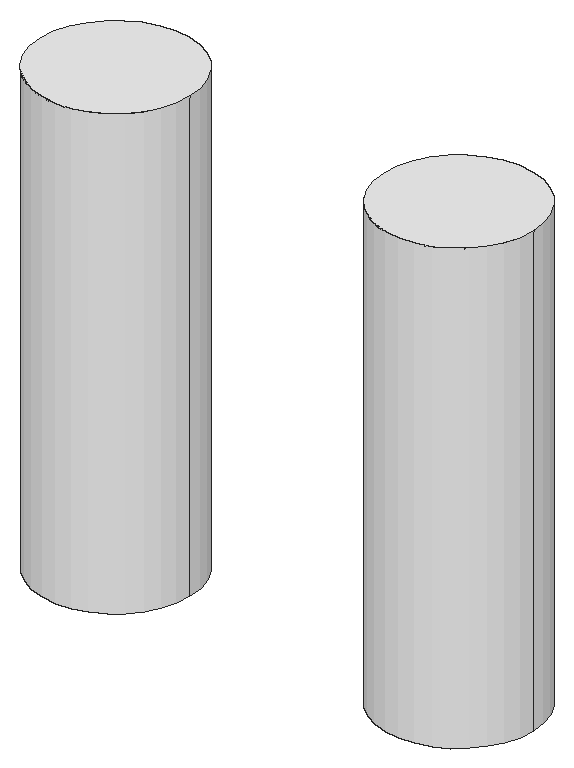
Revit family "64412219", category Plumbing Fixtures, Revit 2018
Family settings
  Round Connector Dimension = Use Diameter
  Part Type = Normal
  OmniClass Number = 23.45.55.00
  OmniClass Title = Sanitary Faucets, Wastes
  Work Plane-Based = No
  Always vertical = Yes
  Cut with Voids When Loaded = No
  Shared = No
  Room Calculation Point = No
Parameters (values of type "64412219 Washbasin faucet, 6 V, Bluetooth ")
  WorkingPressure = "50 - 1000 kPa"
  Working Pressure = "50 - 1000 kPa"
  WarrantyStartDate [instance] = "n/a"
  WarrantyGuarantorParts = "n/a"
  WarrantyGuarantorLabor = "n/a"
  WarrantyDurationUnit = "Year"
  WarrantyDurationParts = "n/a"
  WarrantyDurationLabor = "n/a"
  WarrantyDescription = "http://warranty.hansa.com"
  Warranty Information URL = "http://warranty.hansa.com"
  VersionDate = "01/07/2022"
  Version = "3"
  ValvePattern = "n/a"
  ValveOperation = "n/a"
  ValveMechanism = "n/a"
  Uniclass2015Reference = "Pr_40_20_87_96"
  Uniclass2015Description = "Washbasin manual water supply sets"
  Uniclass2 = "Pr_40_30_96_96"
  URL WEEE = "http://www.hansa.com/fileadmin/resources/153036_WEEE.pdf"
  URL UN38.3 = "http://www.hansa.com/fileadmin/resources/163480_UN38-3_Maxell_2CR5_198330-77.pdf3.pdf"
  URL REACH = "http://static.hansa.com/doc/reach"
  URL Declaration of Conformity = "http://static.hansa.com/DoC/64412219"
  URL = ""
  UNSPSC Class Number = "30181700 Faucets or taps"
  TestPressure = "n/a"
  Temperature Adjustments = "Temperature preset fixable"
  Temperature = "Temperature fixable"
  Technical DataSheet URL = "http://www.hansa.com/datasheet/64412219/en"
  TagNumber [instance] = "n/a"
  SustainabilityPerformance = "n/a"
  Surface treatment = "Chrome"
  Spout Type = "Fixed spout;Casted construction"
  Spout Projection = "96 mm"
  Spare-Part Information URL = "http://static.hansa.com/sp/64412219"
  Size = "65x140x120 mm"
  Shape = "Sculptured"
  SerialNumber [instance] = "n/a"
  Sales Package dimensions (LxWxH) = "290 x 210 x 90"
  Revision = "3"
  ReplacementCost = "n/a"
  Protection Class = "IP 55"
  ProductInformation = "n/a"
  Product URL = "http://static.hansa.com/64412219"
  Product Image URL = "http://static.hansa.com/image/64412219"
  Product Family = "HANSAELECTRA "
  Product Code = "64412219"
  Pressure Loss With Flow 01ls = 200000.0 Pa
  OperatingMechanismMaterial = "n/a"
  Operating Voltage = 6 V
  Operating Distance = "20-130 mm (110/130/160 mm)"
  NominalWidth = 65 mm
  NominalHeight = 120.5 mm
  NominalDepth = 140 mm
  Noise Class = "I (ISO 3822) "
  Name_en = "64412219 Washbasin faucet, 6 V, Bluetooth"
  Name = "64412219 Washbasin faucet, 6 V, Bluetooth"
  NBSReference = "45-35-70/371"
  NBSDescription = "Water supply fittings for wash basins and troughs"
  Mounting Holes = "1 hole"
  ModelReference = "64412219"
  ModelNumber = "n/a"
  Model = "64412219 Washbasin faucet, 6 V, Bluetooth"
  Mobile Product Information URL = "http://mpi.hansa.com/64412219"
  Mechanical Parts = "Non-return valve(s);Litter filter(s);Mixing valve for manual temperature control"
  Max. Hot Water Supply = 70 °C
  Max Flow Period = "2 min (1 - 1800 s)"
  Material = "Brass"
  Market = "Austria;Belgium;Czech Republic;Germany;Spain;France;International;Italy;Netherlands;Slovakia"
  ManufacturerURL = "http://www.hansa.com"
  ManufacturerName = "HANSA"
  Manufacturer = "HANSA"
  Lever Handle = "Temperature control handle"
  Interactive AR View URL = "https://static.hansa.com/AR/64412219"
  InstallationDate [instance] = "n/a"
  Installation and Maintenance Guide URL = "http://static.hansa.com/manual/64412219"
  Installation Type = "Deck mounted"
  InletConnectionSize = 10 mm
  IfcExportType = "FAUCET"  # constant formula
  IfcExportAs = "IfcValveType"  # constant formula
  Group = "Washbasin faucet"
  Grade = "n/a"
  FlowCoefficient = 0
  Flow Rate At 300kPa With Flow Controller = 0.1 L/s
  Flow Drawing URL = "http://static.hansa.com/flowchart/64412219"
  Finish = "Polished"
  Features = "Touchless;Bluetooth®;Battery-operated"
  FaucetMainMaterial = Brass
  FDV Document URL = "http://www.hansa.com/datasheet/64412219/en/fdv"
  ExpectedLife = "n/a"
  Excluded Items = "Without pop-up waste;Without draw-rod opening"
  Electronic Parts = "Autofocus infrared sensor;Solenoid valve;Low battery indicator"
  ETIM Class Number = "EC010340 Electronic tap"
  EN Standard = "EN 15091"
  EMC Directive = "2014/53/EU , 2011/65/EU"
  EAN Number = "4057304014079"
  DurationUnit = "Year"
  Dimension Drawing URL = "http://static.hansa.com/dimdrw/64412219"
  Description = ""
  DefaultElevation [instance] = 900 mm
  Constituents = "Single lever"
  Connection Size = "G3/8"
  Connection = "Flexible inlet pipes"
  Color = "Chrome"
  CodePerformance = "n/a"
  CloseOffRating = 0
  Category = "Bathroom;Public & Semi-public"
  Catalog Drawing URL = "http://static.hansa.com/catdrw/64412219"
  Brand = "HANSA"
  BodyMaterial = "Brass"
  Bluetooth = "4.x"
  Battery = "Lithium 2CR5 6 V"
  Barcode [instance] = "n/a"
  Backflow Prevention EN1717 = "AA"
  BIMObjectName = "64412219"
  Automatic Flush Period = "30 s (1-1800 s)"
  Automatic Flush Frequency = "off (off/1-120 h)"
  Author = "BIMStone"
  AssetType = "Fixed"
  AssetIdentifier [instance] = "n/a"
  Ambience photo = "http://static.hansa.com/ambience/64412219"
  Afterflow Period = "3 s (1-20 s)"
  Aerator = "PCA® - constant flow rate regardless of pressure variations;Standard aerator"
  Advanced Features = "Software settings adjustable via App;Convertible for cold or premixed-water supply"
  AccessibilityPerformance = "n/a"
  3D View = "https://static.hansa.com/3D/64412219"
  2D/3D/BIM Files URL = "http://static.hansa.com/bim/64412219"
Reference planes
  plane 1 "Center (Front/Back)": y = 0
  plane 2: z = 0
  plane 3 "Center (Left/Right)": x = 0
  plane 4: x = -27.75
  plane 5: z = 1020.5
  plane 6: z = 900
  plane 7: z = 870
  plane 8: y = -140
  plane 9: x = 27.75
  plane 10: x = 37.25
Forms (mm)
  Extrusion 1, solid, material "Brass" <- "FaucetMainMaterial"
    sketch origin (0, -5.497, 0) x (1, 0, 0) y (0, 1, 0)
      loop
        circle (-11.5, -22.5) r 5
      loop
        circle (11.5, -22.5) r 5
    from 870 to 900
Dimensions and locks
  "NominalHeight": plane 5 to plane 6
  "DefaultElevation": plane 6 to level
  locked: plane 6 to plane 7 at 30
  "NominalDepth": plane 8 to plane 1 "Center (Front/Back)"
  equal spacing: plane 4, plane 3 "Center (Left/Right)", plane 9
  "NominalWidth": plane 4 to plane 10
  locked: plane 9 to plane 10 at 9.5
  "InletConnectionSize": diameter of Extrusion 1 sketch curve  (x2)
  aligned and locked: level to plane 2
  aligned and locked: plane 6 to Extrusion 1
  aligned and locked: Extrusion 1 to plane 7
  aligned and locked: plane 3 "Center (Left/Right)" to nested 2
  aligned and locked: plane 1 "Center (Front/Back)" to nested 2
  aligned and locked: plane 3 "Center (Left/Right)" to nested 1
  aligned and locked: plane 1 "Center (Front/Back)" to nested 1
  aligned and locked: nested 2 to plane 6
Automatic sketch dimensions
  Extrusion 1 sketch curve to plane 3 "Center (Left/Right)" = 11.5 mm
  plane 3 "Center (Left/Right)" to Extrusion 1 sketch curve = 11.5 mm
  plane 1 "Center (Front/Back)" to Extrusion 1 sketch curve = 27.997 mm  (x2)
Nested families
  nested 1: "Symbol" at (0, 0, 0), type "Symbol", detail levels coarse
  nested 2: "64412219_p" at (0, 0, 900), Material <- "FaucetMainMaterial", type "64412219_p"
    with Material Brass
Connectors
  piping at (-11.5, -27.997, 870), diameter 10, driven by "InletConnectionSize"
    settings: on Extrusion 1, index 1, connector inside diameter 609.6 mm, connector length 0 mm, flow factor 0, pipe flow 0.1 L/s, pressure drop 0.0 Pa, fitting loss kfactor 0, connector angle 0.00°, fixture units 0, engagement length 0 mm, angle of deflection 0.00°, flow configuration 1, flow direction 1, fitting loss method 0, system type 19, joint type 0, gender type 0, connector reference index -1, connector utility 0, adjustable connector no, is connector primary yes, connector description ""
  piping at (11.5, -27.997, 870), diameter 10, driven by "InletConnectionSize"
    settings: on Extrusion 1, index 2, connector inside diameter 609.6 mm, connector length 0 mm, flow factor 0, pipe flow 0.1 L/s, pressure drop 0.0 Pa, fitting loss kfactor 0, connector angle 0.00°, fixture units 0, engagement length 0 mm, angle of deflection 0.00°, flow configuration 1, flow direction 1, fitting loss method 0, system type 20, joint type 0, gender type 0, connector reference index -1, connector utility 0, adjustable connector no, is connector primary no, connector description ""
Definition of nested family "Symbol"
  Reference planes
    plane 1: y = 0
    plane 2: x = 0
  Lines and regions (mm)
    detail lines
      curve 1: line (0, 0, 0) -> (0, -1.8, 0)
      curve 2: line (-0.4, -1.1, 0) -> (0.4, -1.1, 0)
      curve 3: line (-0.4, -1.4, 0) -> (0.4, -1.4, 0)
      curve 4: line (0.863, 0, 0) -> (-0.863, 0, 0)
      curve 5: circle (-1.163, 0, 0) r 0.3 normal (0, 0, -1)
      curve 6: circle (1.163, 0, 0) r 0.3 normal (0, 0, 1)
Definition of nested family "64412219_p"
  Parameters (values of type "64412219_p")
    Material [instance] = none
  Reference planes
    plane 1 "Center (Front/Back)": y = 0
    plane 2: z = 0
    plane 3 "Center (Left/Right)": x = 0
    plane 4: z = 120.5
    plane 5: y = -140
    plane 6: x = -27.75
    plane 7: x = 27.75
    plane 8: x = 37.25
  Forms (mm)
    Extrusion 1, solid, material <- "Material", detail levels medium
      sketch origin (0, 0, -900) x (0, 1, 0) y (0, 0, 1)
        loop
          line (0, 900) -> (-10.03, 977.548)
          arc (-10.03, 977.548) -> (-16.238, 993.039) -> (-27.956, 1004.922) r 42.287
          arc (-27.956, 1004.922) -> (-52.254, 1016.518) -> (-78.88, 1020.5) r 91.024
          line (-78.88, 1020.5) -> (-140, 1020.5) -> (-140, 996.089) -> (-84.669, 980.647)
          arc (-84.669, 980.647) -> (-69.824, 971.243) -> (-62.64, 955.205) r 30.472
          line (-62.64, 955.205) -> (-55.5, 900) -> (0, 900)
      from -27.75 to 27.75
    Extrusion 2, solid, material <- "Material", detail levels medium
      sketch origin (0, 0, -900) x (1, 0, 0) y (0, 0, 1)
        loop
          line (37.25, 932.759) -> (27.75, 932.759) -> (27.75, 910.74) -> (37.25, 910.74) -> (37.25, 932.759)
      from 22.32 to 37.82
    Extrusion 3, solid, material <- "Material", detail levels coarse
      sketch origin (0, 0, -900) x (1, 0, 0) y (0, 1, 0)
        loop
          line (-27.75, 0) -> (-27.75, -140) -> (37.25, -140) -> (37.25, 0) -> (-27.75, 0)
      from 900 to 1020.5
  Cuts and joins
    joined: Extrusion 1, Extrusion 2
  Lines and regions (mm)
    symbolic lines, detail levels fine
      curve 1: arc (-16.926, -128.653, 0) -> (0, -138.019, 0) -> (16.926, -128.653, 0) r 19.977
      curve 18: line (27.75, -36.32, 0) -> (27.75, -23.82, 0)
      curve 21: arc (27.47, -23.82, 0) -> (26.285, -30.07, 0) -> (27.47, -36.32, 0) r 17.073
      curve 23: line (35.624, -22.32, 0) -> (35.624, -37.82, 0)
      curve 24: line (27.75, -26.726, 0) -> (35.624, -26.726, 0)
      curve 25: line (35.624, -31.726, 0) -> (27.75, -31.726, 0)
      curve 36: line (35.64, -0.3, 10.74) -> (35.64, -0.3, 26.749)
      curve 37: line (35.64, -0.3, 26.749) -> (27.75, -0.3, 26.749)
      curve 43: line (27.75, -0.3, 10.74) -> (27.75, -0.3, 32.759)
      curve 44: circle (0, -0.3, 17.875) r 3.4 normal (0, -1, 0)
      curve 45: circle (0, -0.3, 35.58) r 3.4 normal (0, -1, 0)
      curve 46: line (-23.791, -0.3, 91.729) -> (-19.137, -0.3, 102.693)
      curve 47: line (23.791, -0.3, 91.729) -> (19.137, -0.3, 102.693)
      curve 48: arc (-19.137, -0.3, 102.693) -> (0, -0.3, 115.359) -> (19.137, -0.3, 102.693) r 20.79
      curve 49: spline (0, -0.3, 85.125) -> (2.843, -0.3, 85.314) -> (5.492, -0.3, 85.869) -> (7.767, -0.3, 86.75) -> (9.513, -0.3, 87.899) -> (10.61, -0.3, 89.237) -> (10.984, -0.3, 90.672) -> (10.61, -0.3, 92.108) -> (9.513, -0.3, 93.446) -> (7.767, -0.3, 94.595) -> (5.492, -0.3, 95.476) -> (2.843, -0.3, 96.03) -> (0, -0.3, 96.219) -> (-2.843, -0.3, 96.03) -> (-5.492, -0.3, 95.476) -> (-7.767, -0.3, 94.595) -> (-9.513, -0.3, 93.446) -> (-10.61, -0.3, 92.108) -> (-10.984, -0.3, 90.672) -> (-10.61, -0.3, 89.237) -> (-9.513, -0.3, 87.899) -> (-7.767, -0.3, 86.75) -> (-5.492, -0.3, 85.869) -> (-2.843, -0.3, 85.314) -> (0, -0.3, 85.125)
      curve 50: line (-10.984, -0.3, 90.672) -> (-10.984, -0.3, 96.528)
      curve 51: line (10.984, -0.3, 90.672) -> (10.984, -0.3, 96.528)
      curve 52: spline (10.984, -0.3, 91.995) -> (11.987, -0.3, 93.769) -> (11.681, -0.3, 95.597) -> (10.099, -0.3, 97.278) -> (7.415, -0.3, 98.631) -> (3.922, -0.3, 99.506) -> (0, -0.3, 99.809) -> (-3.922, -0.3, 99.506) -> (-7.415, -0.3, 98.631) -> (-10.099, -0.3, 97.278) -> (-11.681, -0.3, 95.597) -> (-11.987, -0.3, 93.769) -> (-10.984, -0.3, 91.995)
      curve 53: spline (12.034, -0.3, 95.27) -> (11.624, -0.3, 96.706) -> (10.422, -0.3, 98.044) -> (8.51, -0.3, 99.193) -> (6.017, -0.3, 100.074) -> (3.115, -0.3, 100.628) -> (0, -0.3, 100.817) -> (-3.115, -0.3, 100.628) -> (-6.017, -0.3, 100.074) -> (-8.51, -0.3, 99.193) -> (-10.422, -0.3, 98.044) -> (-11.624, -0.3, 96.706) -> (-12.034, -0.3, 95.27)
      curve 54: line (-12.034, -0.3, 95.27) -> (-12.034, -0.3, 94.262)
      curve 55: line (12.034, -0.3, 95.27) -> (12.034, -0.3, 94.262)
      curve 56: arc (-23.791, -0.3, 91.729) -> (0, -0.3, 74.637) -> (23.791, -0.3, 91.729) r 25.104
      curve 71: arc (0, -132.783, 100.194) -> (0, -121.422, 95.826) -> (0, -111.898, 88.246) r 40.033
      curve 75: line (0, -57.079, 15.019) -> (0, -57.706, 20.986)
      curve 77: line (0, -58.91, 32.445) -> (0, -59.535, 38.39)
    symbolic lines, detail levels medium+fine
      curve 2: arc (-18.761, -123.953, 0) -> (-18.065, -126.389, 0) -> (-16.926, -128.653, 0) r 13.52
      curve 3: arc (-21.194, -108.058, 0) -> (-20.107, -116.026, 0) -> (-18.761, -123.953, 0) r 245.759
      curve 4: arc (-21.694, -99.299, 0) -> (-21.58, -103.687, 0) -> (-21.194, -108.058, 0) r 70.758
      curve 5: arc (-27.029, -39.573, 0) -> (-22.957, -69.311, 0) -> (-21.694, -99.299, 0) r 319.403
      curve 6: arc (-27.75, -27.75, 0) -> (-27.751, -33.684, 0) -> (-27.029, -39.573, 0) r 48.577
      curve 7: arc (18.761, -123.953, 0) -> (18.065, -126.389, 0) -> (16.926, -128.653, 0) r 13.52
      curve 8: arc (21.194, -108.058, 0) -> (20.107, -116.026, 0) -> (18.761, -123.953, 0) r 245.759
      curve 9: arc (21.694, -99.299, 0) -> (21.58, -103.687, 0) -> (21.194, -108.058, 0) r 70.758
      curve 10: arc (27.029, -39.573, 0) -> (22.957, -69.311, 0) -> (21.694, -99.299, 0) r 319.403
      curve 11: spline (-16.926, -128.653, 0) -> (-16.349, -131.59, 0) -> (-14.658, -134.326, 0) -> (-11.968, -136.676, 0) -> (-8.463, -138.48, 0) -> (-4.381, -139.613, 0) -> (0, -140, 0) -> (4.381, -139.613, 0) -> (8.463, -138.48, 0) -> (11.968, -136.676, 0) -> (14.658, -134.326, 0) -> (16.349, -131.59, 0) -> (16.926, -128.653, 0)
      curve 12: line (35.624, -22.32, 0) -> (27.75, -22.32, 0)
      curve 13: line (27.75, -22.32, 0) -> (27.75, -23.82, 0)
      curve 14: line (27.75, -23.82, 0) -> (27.47, -23.82, 0)
      curve 15: line (27.75, -36.32, 0) -> (27.75, -37.82, 0)
      curve 16: line (27.75, -37.82, 0) -> (35.624, -37.82, 0)
      curve 17: spline (35.624, -37.82, 0) -> (36.045, -37.556, 0) -> (36.437, -36.781, 0) -> (36.774, -35.55, 0) -> (37.032, -33.945, 0) -> (37.195, -32.076, 0) -> (37.25, -30.07, 0) -> (37.195, -28.064, 0) -> (37.032, -26.195, 0) -> (36.774, -24.59, 0) -> (36.437, -23.358, 0) -> (36.045, -22.584, 0) -> (35.624, -22.32, 0)
      curve 19: arc (27.47, -23.82, 0) -> (-1.97, -0.07, 0) -> (-27.75, -27.75, 0) r 27.75
      curve 20: arc (27.519, -36.32, 0) -> (27.302, -37.951, 0) -> (27.029, -39.573, 0) r 48.577
      curve 22: line (27.519, -36.32, 0) -> (27.75, -36.32, 0)
      curve 26: line (-27.75, -0.3, 0) -> (27.75, -0.3, 0)
      curve 27: line (27.75, -0.3, 0) -> (27.75, -0.3, 10.74)
      curve 28: arc (27.75, -0.3, 35) -> (26.759, -0.3, 63.434) -> (23.791, -0.3, 91.729) r 408.394
      curve 29: arc (23.791, -0.3, 91.729) -> (22.462, -0.3, 99.054) -> (20.551, -0.3, 106.25) r 92.87
      curve 30: arc (20.551, -0.3, 106.25) -> (12.735, -0.3, 116.922) -> (0, -0.3, 120.5) r 20.27
      curve 31: line (-27.75, -0.3, 0) -> (-27.75, -0.3, 35)
      curve 32: arc (-27.75, -0.3, 35) -> (-26.759, -0.3, 63.434) -> (-23.791, -0.3, 91.729) r 408.394
      curve 33: arc (-23.791, -0.3, 91.729) -> (-22.462, -0.3, 99.054) -> (-20.551, -0.3, 106.25) r 92.87
      curve 34: arc (-20.551, -0.3, 106.25) -> (-12.735, -0.3, 116.922) -> (0, -0.3, 120.5) r 20.27
      curve 35: line (27.75, -0.3, 10.74) -> (35.64, -0.3, 10.74)
      curve 38: spline (35.64, -0.3, 26.749) -> (36.057, -0.3, 26.476) -> (36.445, -0.3, 25.676) -> (36.779, -0.3, 24.404) -> (37.034, -0.3, 22.746) -> (37.195, -0.3, 20.816) -> (37.25, -0.3, 18.744) -> (37.195, -0.3, 16.672) -> (37.034, -0.3, 14.742) -> (36.779, -0.3, 13.084) -> (36.445, -0.3, 11.812) -> (36.057, -0.3, 11.012) -> (35.64, -0.3, 10.74)
      curve 39: line (35.64, -0.3, 26.749) -> (35.64, -0.3, 31.985)
      curve 40: arc (35.64, -0.3, 31.985) -> (35.414, -0.3, 32.532) -> (34.866, -0.3, 32.759) r 0.774
      curve 41: line (34.866, -0.3, 32.759) -> (27.75, -0.3, 32.759)
      curve 42: line (27.75, -0.3, 32.759) -> (27.75, -0.3, 35)
      curve 57: line (0, 0, 0) -> (0, -3.574, 51.11)
      curve 58: arc (0, -3.574, 51.11) -> (0, -6.639, 69.684) -> (0, -13.113, 87.361) r 100.551
      curve 59: arc (0, -13.113, 87.361) -> (0, -24.362, 102.423) -> (0, -40.524, 112.024) r 48.106
      curve 60: arc (0, -40.524, 112.024) -> (0, -67.162, 118.753) -> (0, -94.581, 120.5) r 149.669
      curve 61: arc (0, -94.581, 120.5) -> (0, -115.168, 119.586) -> (0, -135.695, 117.766) r 467.531
      curve 62: arc (0, -135.695, 117.766) -> (0, -138.916, 115.724) -> (0, -139.283, 111.927) r 4.343
      curve 63: arc (0, -139.283, 111.927) -> (0, -136.799, 105.637) -> (0, -132.783, 100.194) r 26.137
      curve 64: line (0, 0, 0) -> (0, -55.5, 0)
      curve 65: line (0, -55.5, 0) -> (0, -57.079, 15.019)
      curve 66: arc (0, -59.994, 42.753) -> (0, -71.64, 69.197) -> (0, -96.488, 83.945) r 47.339
      curve 67: line (0, -96.488, 83.945) -> (0, -111.898, 88.246)
      curve 68: line (0, -111.898, 88.246) -> (0, -113.917, 84.749)
      curve 69: line (0, -132.783, 100.194) -> (0, -134.755, 96.779)
      curve 70: line (0, -134.755, 96.779) -> (0, -113.917, 84.749)
      curve 72: arc (0, -59.535, 38.39) -> (0, -60.073, 35.328) -> (0, -58.91, 32.445) r 5.654
      curve 73: arc (0, -57.706, 20.986) -> (0, -58.241, 17.913) -> (0, -57.079, 15.019) r 5.7
      curve 74: line (0, -57.706, 20.986) -> (0, -58.91, 32.445)
      curve 76: line (0, -59.535, 38.39) -> (0, -59.994, 42.753)
  Dimensions and locks
    aligned and locked: level to plane 2
    aligned and locked: plane 4 to Extrusion 3
